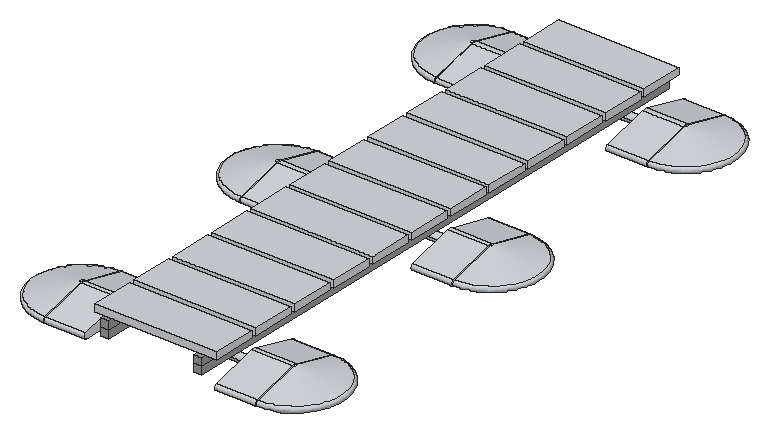
Revit family "Kee_Safety_KWM19_3M_FREE_STANDING_MODULE_75MPH", category Generic Models, host Face, Revit 2026
Family settings
  Host = Face
  Can host rebar = No
  Round Connector Dimension = Use Diameter
  Part Type = Normal
  Cut with Voids When Loaded = No
  Maintain Annotation Orientation = No
  Shared = No
  Room Calculation Point = No
Parameters
  Shipping Weight kg = "128"
  Product Range = "KeeWalk"
  Product Model Number = "WW719ASSY"
  Product Literature = "https://keesafety.co.uk/images/uploads/uk/documents/Kee_Walk_Brochure_1.pdf"
  Product Group = "KeeWalk"
  Product Family = "KeeWalk"
  Width = 1590 mm
  Overall Width = 620 mm
  Overall Length = 2983 mm
  Overall Height = 167 mm
  Material = Aluminum
  Manufacturer Website = "www.keesafety.co.uk"
  Manufacturer Country = "United Kingdom"
  Manufacturer = "Kee Safety"
  Location of Manufacturer = "Cradley Heath"
  Gross Weight kg = "128"
  Finish = "Annodized Aluminium"
  Features = "Modular Rooftop walkway to EN 516"
  Design Country = "United Kingdom"
  Description = "Kee Walk® System provides a safe, anti-slip, level walking surface for means of access to and across roofs. It provides a\r\ndemarcation route which protects the roof membrane from unnecessary foot traffic and potential damage. Pre-assembled\r\nin 3m unit."
  Default Elevation = 1219.2 mm
  Coverage Area = 3000.00 m²
  Colour = "Tread Black"
  CE Approval = yes
  Assembly Code = "KWM19"
  Annually = "Periodic inspections by a competent person are recommended by the manufacturer. In\r\nUK/Europe these are required under Regulation 5 of the Workplace (Health, Safety &\r\nWelfare) Regulations, the Work at Height Regulations and BS EN 365. The frequency will\r\ndepend upon the environment, location and usage but should be at least every 12 months.\r\nWalk and visually inspect the complete installed system in relation to the clients’ general\r\nneeds. Establish if any modifications and/or additional products are required to reflect\r\nany refurbishment requirements or additional plant & equipment which have been installed\r\nand require access.\r\nCheck installation configuration is complete as per the original installation drawing/plan.\r\nEnsure the system has not been modified or tampered with by unauthorised persons.\r\nCheck all Kee Walk are in place as per the original drawing. This is essential for longevity of\r\nthe roof.\r\nCheck all fixings are in place and correctly torqued.\r\nAny galvanised components showing signs of corrosion should be wire brushed thoroughly\r\nand galvanised spray/paint applied as appropriate. If rusted significantly, take digital\r\nphotographs and include these in the inspection report. All component and assembled\r\nparts should be kept clean, using detergent if necessary, by wiping down with a wet cloth\r\nor hosing with clean water, after which they should be wiped down with a dry cloth.\r\nWhere toe-boards are fitted check the brackets that support the toe-board are in place and\r\nsufficiently torqued.\r\nWhere applicable check fixings to walls/structures including cat ladder clamps are in place\r\nand sufficiently torqued.\r\nIf the Kee Walk becomes damaged in any, please arrange for inspection and any necessary\r\nrepair or component replacement.."
  Angle [instance] = 0.00°
Reference planes
  plane 1 "Center (Front/Back)": y = 0
  plane 2: z = 0
  plane 3 "Center (Left/Right)": x = 0
  plane 4: z = 81
  plane 5 "1": z = 75.213
  plane 6 "2": z = 73.792
  plane 7 "3": z = 57.713
  plane 8 "5": z = 41.568
  plane 9 "4": z = 56.945
  plane 10 "6": z = 40.402
Dimensions and locks
  level to plane 4 = 81 mm
  aligned and locked: plane 2 to host face
  aligned and locked: level to host face
  aligned and locked: plane 1 "Center (Front/Back)" to nested 1
Nested families
  nested 1: "KWM19 3M FREE STANDING MODULE 75MPH" at (-17.5, 0, 0), type "KWM19 3M FREE STANDING MODULE 75MPH"
Definition of nested family "KWM19 3M FREE STANDING MODULE 75MPH"
  Parameters (values of type "KWM19 3M FREE STANDING MODULE 75MPH")
    step length = 1040 mm
    part = yes
    full steps pitch = 2004 mm
    Step Material = none
    Step Angle = 0.00°
    Step Brck position = (step length / 2)  # 520 mm
    Railing Material = none
    Overall Length = 3000 mm
    Default Elevation = 1219.2 mm
    Base Material = none
  Reference planes
    plane 1 "Center (Front/Back)": y = 0
    plane 2: z = 0
    plane 3 "Center (Left/Right)": x = -67.5
    plane 4: y = 1500
    plane 5: y = -1500
    plane 6: z = 82.4
    plane 7: x = 552.5
    plane 8: x = -15
    plane 9: z = 42.4
    plane 10: x = 25
    plane 11: x = 242.5
    plane 12: y = -1260
    plane 13: y = 1250
    plane 14: y = -20
    plane 15: y = 20
    plane 16: x = 500
    plane 17: x = 460
    plane 18: y = -504
    plane 19: z = 21.2
    plane 20: x = -92.5
    plane 21: x = 577.5
    plane 22: z = 85
    plane 23: y = 1000
    plane 24: x = -302.5
    plane 25: x = -552.67
    plane 26: x = 1037.67
  Forms (mm)
    Extrusion 1, solid, not visible, detail levels fine
      sketch origin (84, 481.056, 0) x (1, 0, 0) y (0, 1, 0)
        loop
          line (-954, 1018.944) -> (-954, -2042.709) -> (1123.899, -2042.709) -> (1123.899, 1018.944) -> (-954, 1018.944)
      from 0 to -100
    Extrusion 2, solid, material <- "Base Material", detail levels fine
      sketch origin (145, 130, 0) x (1, 0, 0) y (0, 1, 0)
        loop
          line (-160, 1370) -> (-160, -1630) -> (-120, -1630) -> (-120, 1370) -> (-160, 1370)
      from 42.4 to 82.4
    Extrusion 3, solid, material <- "Base Material", detail levels fine
      sketch origin (340, 130, 0) x (-1, 0, 0) y (0, -1, 0)
        loop
          line (-160, -1370) -> (-120, -1370) -> (-120, 1630) -> (-160, 1630) -> (-160, -1370)
      from 42.4 to 82.4
    Extrusion 4, solid, detail levels fine
      sketch origin (-67.5, 0, 70) x (0, 1, 0) y (0, 0, 1)
        loop
          line (1500, 52.4) -> (1500, 87.4) -> (1275, 87.4) -> (1275, 52.4) -> (1500, 52.4)
      from 0 to 620
    Extrusion 5, solid, material <- "Railing Material", detail levels fine
      sketch origin (-70, -55.625, 88.905) x (0, 1, 0) y (0, 0, 1)
        loop
          line (1555.625, -6.505) -> (1555.625, 33.495) -> (-1444.375, 33.495) -> (-1444.375, -6.505) -> (1555.625, -6.505)
      from 55 to 95
    Extrusion 6, solid, detail levels medium
      sketch origin (0, 0, 0) x (1, 0, 0) y (0, 0, 1)
        loop
          line (-92.5, 0) -> (577.5, 0) -> (577.5, 42.4) -> (500, 42.4) -> (500, 122.4) -> (552.5, 122.4) -> (552.5, 157.4) -> (-67.5, 157.4) -> (-67.5, 122.4) -> (-15, 122.4) -> (-15, 42.4) -> (-92.5, 42.4) -> (-92.5, 0)
      from -1500 to 1500
    Extrusion 7, solid, detail levels coarse
      sketch origin (0, 0, 0) x (1, 0, 0) y (0, 0, 1)
        loop
          line (-552.67, 0) -> (1037.67, 0) -> (1037.67, 85) -> (552.5, 85) -> (552.5, 157.4) -> (-67.5, 157.4) -> (-67.5, 85) -> (-552.67, 85) -> (-552.67, 0)
      from -1500 to 1510.538
    Extrusion 8, solid, detail levels fine
      sketch origin (-70, 263.081, -74.315) x (0, 1, 0) y (0, 0, 1)
        loop
          circle (986.919, 95.515) r 21.2
        loop
          circle (-263.081, 95.515) r 21.2
        loop
          circle (-1523.081, 95.515) r 21.2
      from -22.5 to 647.5
    Extrusion 9, solid, detail levels fine
      sketch origin (162.5, -2.779, 0) x (0, 1, 0) y (0, 0, 1)
        loop
          arc (1489.027, 0) -> (1502.495, 11.913) -> (1492.314, 26.734) r 13.569
          line (1492.314, 26.734) -> (1265.501, 83.37)
          arc (1265.501, 83.37) -> (1252.418, 84.979) -> (1239.336, 83.37) r 54
          line (1239.336, 83.37) -> (1012.523, 26.734)
          arc (1012.523, 26.734) -> (1002.342, 11.913) -> (1015.81, 0) r 13.569
          line (1015.81, 0) -> (1250, 0) -> (1489.027, 0)
      from -255 to -465
    Revolve 10, solid, detail levels fine
      sketch origin (-302.5, 0, 0) x (0, 1, 0) y (0, 0, 1)
        loop
          arc (1486.609, 0) -> (1500.076, 11.913) -> (1489.896, 26.734) r 13.569
          line (1489.896, 26.734) -> (1263.082, 83.37)
          arc (1263.082, 83.37) -> (1256.59, 84.575) -> (1250, 84.979) r 54
          line (1250, 84.979) -> (1250, 0) -> (1486.609, 0)
        axis (1250, 84.979) -> (1250, 0)
      angle from 0 to 180
    Extrusion 11, solid, detail levels fine
      sketch origin (322.5, -2.779, 0) x (0, 1, 0) y (0, 0, -1)
        loop
          line (1489.027, 0) -> (1250, 0) -> (1015.81, 0)
          arc (1015.81, 0) -> (1002.342, -11.913) -> (1012.523, -26.734) r 13.569
          line (1012.523, -26.734) -> (1239.336, -83.37)
          arc (1239.336, -83.37) -> (1252.418, -84.979) -> (1265.501, -83.37) r 54
          line (1265.501, -83.37) -> (1492.314, -26.734)
          arc (1492.314, -26.734) -> (1502.495, -11.913) -> (1489.027, 0) r 13.569
      from -255 to -465
    Revolve 12, solid, detail levels fine
      sketch origin (787.5, 0, 0) x (0, 1, 0) y (0, 0, -1)
        loop
          line (1486.609, 0) -> (1250, 0) -> (1250, -84.979)
          arc (1250, -84.979) -> (1256.59, -84.575) -> (1263.082, -83.37) r 54
          line (1263.082, -83.37) -> (1489.896, -26.734)
          arc (1489.896, -26.734) -> (1500.076, -11.913) -> (1486.609, 0) r 13.569
        axis (1250, -84.979) -> (1250, 0)
      angle from 0 to 180
    Extrusion 13, solid, detail levels medium
      sketch origin (0, 0, 0) x (1, 0, 0) y (0, 1, 0)
        loop
          line (-92.5, 1500) -> (-552.67, 1500) -> (-552.67, 1000) -> (-92.5, 1000) -> (-92.5, 1500)
        loop
          line (1037.67, 1500) -> (577.5, 1500) -> (577.5, 999.462) -> (1037.67, 999.462) -> (1037.67, 1500)
      from 0 to 85
    Extrusion 14, solid, material <- "Railing Material", detail levels fine
      sketch origin (555, -55.625, 88.905) x (0, 1, 0) y (0, 0, -1)
        loop
          line (1555.625, 6.505) -> (-1444.375, 6.505) -> (-1444.375, -33.495) -> (1555.625, -33.495) -> (1555.625, 6.505)
      from 55 to 95
    Extrusion 15, solid, detail levels medium
      sketch origin (0, -1250, 0) x (1, 0, 0) y (0, 1, 0)
        loop
          line (-92.5, 1500) -> (-552.67, 1500) -> (-552.67, 1000) -> (-92.5, 1000) -> (-92.5, 1500)
        loop
          line (1037.67, 1500) -> (577.5, 1500) -> (577.5, 999.462) -> (1037.67, 999.462) -> (1037.67, 1500)
      from 0 to 85
    Extrusion 16, solid, detail levels fine
      sketch origin (162.5, -1252.779, 0) x (0, 1, 0) y (0, 0, 1)
        loop
          arc (1489.027, 0) -> (1502.495, 11.913) -> (1492.314, 26.734) r 13.569
          line (1492.314, 26.734) -> (1265.501, 83.37)
          arc (1265.501, 83.37) -> (1252.418, 84.979) -> (1239.336, 83.37) r 54
          line (1239.336, 83.37) -> (1012.523, 26.734)
          arc (1012.523, 26.734) -> (1002.342, 11.913) -> (1015.81, 0) r 13.569
          line (1015.81, 0) -> (1250, 0) -> (1489.027, 0)
      from -255 to -465
    Revolve 17, solid, detail levels fine
      sketch origin (-302.5, -1250, 0) x (0, 1, 0) y (0, 0, 1)
        loop
          arc (1486.609, 0) -> (1500.076, 11.913) -> (1489.896, 26.734) r 13.569
          line (1489.896, 26.734) -> (1263.082, 83.37)
          arc (1263.082, 83.37) -> (1256.59, 84.575) -> (1250, 84.979) r 54
          line (1250, 84.979) -> (1250, 0) -> (1486.609, 0)
        axis (1250, 84.979) -> (1250, 0)
      angle from 0 to 180
    Extrusion 18, solid, detail levels fine
      sketch origin (322.5, -1252.779, 0) x (0, 1, 0) y (0, 0, -1)
        loop
          line (1489.027, 0) -> (1250, 0) -> (1015.81, 0)
          arc (1015.81, 0) -> (1002.342, -11.913) -> (1012.523, -26.734) r 13.569
          line (1012.523, -26.734) -> (1239.336, -83.37)
          arc (1239.336, -83.37) -> (1252.418, -84.979) -> (1265.501, -83.37) r 54
          line (1265.501, -83.37) -> (1492.314, -26.734)
          arc (1492.314, -26.734) -> (1502.495, -11.913) -> (1489.027, 0) r 13.569
      from -255 to -465
    Revolve 19, solid, detail levels fine
      sketch origin (787.5, -1250, 0) x (0, 1, 0) y (0, 0, -1)
        loop
          line (1486.609, 0) -> (1250, 0) -> (1250, -84.979)
          arc (1250, -84.979) -> (1256.59, -84.575) -> (1263.082, -83.37) r 54
          line (1263.082, -83.37) -> (1489.896, -26.734)
          arc (1489.896, -26.734) -> (1500.076, -11.913) -> (1486.609, 0) r 13.569
        axis (1250, -84.979) -> (1250, 0)
      angle from 0 to 180
    Extrusion 20, solid, detail levels fine
      sketch origin (-67.5, -250, 70) x (0, 1, 0) y (0, 0, 1)
        loop
          line (1500, 52.4) -> (1500, 87.4) -> (1275, 87.4) -> (1275, 52.4) -> (1500, 52.4)
      from 0 to 625
    Extrusion 21, solid, detail levels medium
      sketch origin (0, -2510, 0) x (1, 0, 0) y (0, 1, 0)
        loop
          line (-92.5, 1500) -> (-552.67, 1500) -> (-552.67, 1000) -> (-92.5, 1000) -> (-92.5, 1500)
        loop
          line (1037.67, 1500) -> (577.5, 1500) -> (577.5, 999.462) -> (1037.67, 999.462) -> (1037.67, 1500)
      from 0 to 85
    Extrusion 22, solid, detail levels fine
      sketch origin (162.5, -2512.779, 0) x (0, 1, 0) y (0, 0, 1)
        loop
          arc (1489.027, 0) -> (1502.495, 11.913) -> (1492.314, 26.734) r 13.569
          line (1492.314, 26.734) -> (1265.501, 83.37)
          arc (1265.501, 83.37) -> (1252.418, 84.979) -> (1239.336, 83.37) r 54
          line (1239.336, 83.37) -> (1012.523, 26.734)
          arc (1012.523, 26.734) -> (1002.342, 11.913) -> (1015.81, 0) r 13.569
          line (1015.81, 0) -> (1250, 0) -> (1489.027, 0)
      from -255 to -465
    Revolve 23, solid, detail levels fine
      sketch origin (-302.5, -2510, 0) x (0, 1, 0) y (0, 0, 1)
        loop
          arc (1486.609, 0) -> (1500.076, 11.913) -> (1489.896, 26.734) r 13.569
          line (1489.896, 26.734) -> (1263.082, 83.37)
          arc (1263.082, 83.37) -> (1256.59, 84.575) -> (1250, 84.979) r 54
          line (1250, 84.979) -> (1250, 0) -> (1486.609, 0)
        axis (1250, 84.979) -> (1250, 0)
      angle from 0 to 180
    Extrusion 24, solid, detail levels fine
      sketch origin (322.5, -2512.779, 0) x (0, 1, 0) y (0, 0, -1)
        loop
          line (1489.027, 0) -> (1250, 0) -> (1015.81, 0)
          arc (1015.81, 0) -> (1002.342, -11.913) -> (1012.523, -26.734) r 13.569
          line (1012.523, -26.734) -> (1239.336, -83.37)
          arc (1239.336, -83.37) -> (1252.418, -84.979) -> (1265.501, -83.37) r 54
          line (1265.501, -83.37) -> (1492.314, -26.734)
          arc (1492.314, -26.734) -> (1502.495, -11.913) -> (1489.027, 0) r 13.569
      from -255 to -465
    Revolve 25, solid, detail levels fine
      sketch origin (787.5, -2510, 0) x (0, 1, 0) y (0, 0, -1)
        loop
          line (1486.609, 0) -> (1250, 0) -> (1250, -84.979)
          arc (1250, -84.979) -> (1256.59, -84.575) -> (1263.082, -83.37) r 54
          line (1263.082, -83.37) -> (1489.896, -26.734)
          arc (1489.896, -26.734) -> (1500.076, -11.913) -> (1486.609, 0) r 13.569
        axis (1250, -84.979) -> (1250, 0)
      angle from 0 to 180
    Extrusion 26, solid, detail levels fine
      sketch origin (-67.5, -500, 70) x (0, 1, 0) y (0, 0, 1)
        loop
          line (1500, 52.4) -> (1500, 87.4) -> (1275, 87.4) -> (1275, 52.4) -> (1500, 52.4)
      from 0 to 625
    Extrusion 27, solid, detail levels fine
      sketch origin (-67.5, -750, 70) x (0, 1, 0) y (0, 0, 1)
        loop
          line (1500, 52.4) -> (1500, 87.4) -> (1275, 87.4) -> (1275, 52.4) -> (1500, 52.4)
      from 0 to 625
    Extrusion 28, solid, detail levels fine
      sketch origin (-67.5, -1000, 70) x (0, 1, 0) y (0, 0, 1)
        loop
          line (1500, 52.4) -> (1500, 87.4) -> (1275, 87.4) -> (1275, 52.4) -> (1500, 52.4)
      from 0 to 625
    Extrusion 29, solid, detail levels fine
      sketch origin (-67.5, -1250, 70) x (0, 1, 0) y (0, 0, 1)
        loop
          line (1500, 52.4) -> (1500, 87.4) -> (1275, 87.4) -> (1275, 52.4) -> (1500, 52.4)
      from 0 to 625
    Extrusion 30, solid, detail levels fine
      sketch origin (-67.5, -1500, 70) x (0, 1, 0) y (0, 0, 1)
        loop
          line (1500, 52.4) -> (1500, 87.4) -> (1275, 87.4) -> (1275, 52.4) -> (1500, 52.4)
      from 0 to 625
    Extrusion 31, solid, detail levels fine
      sketch origin (-67.5, -1750, 70) x (0, 1, 0) y (0, 0, 1)
        loop
          line (1500, 52.4) -> (1500, 87.4) -> (1275, 87.4) -> (1275, 52.4) -> (1500, 52.4)
      from 0 to 625
    Extrusion 32, solid, detail levels fine
      sketch origin (-67.5, -2000, 70) x (0, 1, 0) y (0, 0, 1)
        loop
          line (1500, 52.4) -> (1500, 87.4) -> (1275, 87.4) -> (1275, 52.4) -> (1500, 52.4)
      from 0 to 625
    Extrusion 33, solid, detail levels fine
      sketch origin (-67.5, -2250, 70) x (0, 1, 0) y (0, 0, 1)
        loop
          line (1500, 52.4) -> (1500, 87.4) -> (1275, 87.4) -> (1275, 52.4) -> (1500, 52.4)
      from 0 to 625
    Extrusion 34, solid, detail levels fine
      sketch origin (-67.5, -2500, 70) x (0, 1, 0) y (0, 0, 1)
        loop
          line (1500, 52.4) -> (1500, 87.4) -> (1275, 87.4) -> (1275, 52.4) -> (1500, 52.4)
      from 0 to 625
    Extrusion 35, solid, detail levels fine
      sketch origin (-67.5, -2750, 70) x (0, 1, 0) y (0, 0, 1)
        loop
          line (1500, 52.4) -> (1500, 87.4) -> (1275, 87.4) -> (1275, 52.4) -> (1500, 52.4)
      from 0 to 625
  Dimensions and locks
    plane 6 to level = 82.4 mm
    locked: plane 6 to plane 9 at 40
    locked: plane 10 to plane 8 at 40
    locked: plane 12 to plane 5 at 240
    locked: plane 15 to plane 14 at 40
    locked: plane 17 to plane 16 at 40
    equal spacing: plane 4, plane 1 "Center (Front/Back)", plane 5
    plane 4 to plane 13 = 250 mm
    plane 15 to plane 1 "Center (Front/Back)" = 20 mm
    plane 7 to plane 3 "Center (Left/Right)" = 620 mm
    equal spacing: plane 7, plane 11, plane 3 "Center (Left/Right)"
    equal spacing: plane 17, plane 11, plane 10
    plane 17 to plane 10 = 435 mm
    "full steps pitch": plane 4 to plane 18
    locked: Extrusion 4 sketch curve to Extrusion 4 sketch curve at 35
    locked: Extrusion 4 sketch curve to Extrusion 4 sketch curve at 225
    locked: Extrusion 5 sketch curve to Extrusion 5 sketch curve at 40
    "Overall Length": plane 4 to plane 5
    plane 1 "Center (Front/Back)" to plane 15 = 20 mm
    locked: plane 19 to level at 21.2
    locked: plane 4 to Extrusion 8 sketch curve at 250
    locked: Extrusion 8 sketch curve to Extrusion 1 at 21.2
    equal spacing: plane 21, plane 11, plane 20
    locked: plane 21 to plane 20 at 670
    locked: plane 22 to level at 85
    locked: plane 13 to plane 23 at 250
    locked: plane 20 to plane 24 at 210
    plane 25 to plane 26 = 1590.34 mm
    equal spacing: plane 25, plane 11, plane 26
    locked: Extrusion 14 sketch curve to Extrusion 14 sketch curve at 40
    locked: Extrusion 20 sketch curve to Extrusion 20 sketch curve at 35
    locked: Extrusion 20 sketch curve to Extrusion 20 sketch curve at 225
    locked: Extrusion 26 sketch curve to Extrusion 26 sketch curve at 35
    locked: Extrusion 26 sketch curve to Extrusion 26 sketch curve at 225
    equal spacing: group 1, group 2, group 3, group 4, group 5, group 6, group 7, group 8, group 9, group 10, group 11  (x2)
    equal spacing: group 11, group 10, group 9, group 8, group 7, group 6, group 5, group 4, group 3, group 2, group 1
    locked: Extrusion 27 sketch curve to Extrusion 27 sketch curve at 35
    locked: Extrusion 27 sketch curve to Extrusion 27 sketch curve at 225
    locked: Extrusion 28 sketch curve to Extrusion 28 sketch curve at 35
    locked: Extrusion 28 sketch curve to Extrusion 28 sketch curve at 225
    locked: Extrusion 29 sketch curve to Extrusion 29 sketch curve at 35
    locked: Extrusion 29 sketch curve to Extrusion 29 sketch curve at 225
    locked: Extrusion 30 sketch curve to Extrusion 30 sketch curve at 35
    locked: Extrusion 30 sketch curve to Extrusion 30 sketch curve at 225
    locked: Extrusion 31 sketch curve to Extrusion 31 sketch curve at 35
    locked: Extrusion 31 sketch curve to Extrusion 31 sketch curve at 225
    locked: Extrusion 32 sketch curve to Extrusion 32 sketch curve at 35
    locked: Extrusion 32 sketch curve to Extrusion 32 sketch curve at 225
    locked: Extrusion 33 sketch curve to Extrusion 33 sketch curve at 35
    locked: Extrusion 33 sketch curve to Extrusion 33 sketch curve at 225
    locked: Extrusion 34 sketch curve to Extrusion 34 sketch curve at 35
    locked: Extrusion 34 sketch curve to Extrusion 34 sketch curve at 225
    locked: Extrusion 35 sketch curve to Extrusion 35 sketch curve at 35
    locked: Extrusion 35 sketch curve to Extrusion 35 sketch curve at 225
    aligned and locked: plane 2 to Extrusion 1
    aligned and locked: level to Extrusion 1
    aligned and locked: plane 6 to Extrusion 2
    aligned and locked: Extrusion 2 to plane 9
    aligned and locked: Extrusion 2 to plane 8
    aligned and locked: plane 10 to Extrusion 2
    aligned and locked: Extrusion 2 to plane 4
    aligned and locked: plane 5 to Extrusion 2
    aligned and locked: plane 7 to Extrusion 4
    aligned and locked: Extrusion 4 to plane 3 "Center (Left/Right)"
    aligned and locked: Extrusion 6 sketch curve to level
    aligned and locked: plane 9 to Extrusion 6 sketch curve  (x2)
    aligned and locked: Extrusion 6 sketch curve to plane 8
    aligned and locked: Extrusion 7 sketch curve to level
    aligned and locked: plane 7 to Extrusion 7 sketch curve
    aligned and locked: Extrusion 7 sketch curve to plane 3 "Center (Left/Right)"
    aligned and locked: Extrusion 6 to plane 4
    aligned and locked: plane 5 to Extrusion 6
    aligned and locked: Extrusion 5 sketch curve to plane 6
    aligned and locked: Extrusion 5 sketch curve to plane 4
    aligned and locked: plane 5 to Extrusion 5 sketch curve
    aligned and locked: plane 4 to Extrusion 4 sketch curve
    aligned and locked: Extrusion 4 to Extrusion 5
    aligned and locked: Extrusion 5 to Extrusion 2
    aligned and locked: Extrusion 2 to Extrusion 5
    aligned and locked: Extrusion 8 to plane 20
    aligned and locked: plane 21 to Extrusion 8
    aligned and locked: Extrusion 9 to plane 24
    aligned and locked: Extrusion 9 to Extrusion 8
    aligned and locked: plane 22 to Extrusion 7  (x2)
    aligned and locked: plane 25 to Extrusion 7
    aligned and locked: plane 26 to Extrusion 7
    aligned and locked: Extrusion 6 to Extrusion 8  (x2)
    aligned and locked: Extrusion 6 to Extrusion 13 sketch curve
    aligned and locked: Extrusion 13 sketch curve to Extrusion 6
    aligned and locked: plane 23 to Extrusion 13 sketch curve
    aligned and locked: plane 25 to Extrusion 13 sketch curve
    aligned and locked: Extrusion 13 sketch curve to Extrusion 7
    aligned and locked: Extrusion 7 to Extrusion 13 sketch curve
    aligned and locked: Extrusion 13 sketch curve to Extrusion 11
    aligned and locked: Extrusion 13 to Extrusion 7
    aligned and locked: plane 6 to Extrusion 3
    aligned and locked: plane 17 to Extrusion 3
    aligned and locked: Extrusion 3 to plane 16
    aligned and locked: Extrusion 14 to Extrusion 4
    aligned and locked: Extrusion 14 to plane 6
    aligned and locked: Extrusion 14 to plane 16
    aligned and locked: Extrusion 6 sketch curve to Extrusion 4  (x2)
    aligned and locked: Extrusion 6 sketch curve to plane 7
    aligned and locked: plane 3 "Center (Left/Right)" to Extrusion 6 sketch curve
    aligned and locked: Extrusion 6 sketch curve to Extrusion 6 sketch curve
    aligned and locked: Extrusion 7 to Extrusion 21
  Automatic sketch dimensions
    Extrusion 1 sketch curve to Extrusion 1 sketch curve = 2077.899 mm
    Extrusion 1 sketch curve to Extrusion 1 sketch curve = 3061.653 mm
    plane 5 to Extrusion 2 sketch curve = 0 mm
    Extrusion 2 sketch curve to plane 8 = 0 mm
    Extrusion 2 sketch curve to plane 10 = 0 mm
    plane 4 to Extrusion 2 sketch curve = 0 mm
    plane 5 to Extrusion 3 sketch curve = 0 mm
    Extrusion 3 sketch curve to plane 16 = 0 mm
    Extrusion 3 sketch curve to plane 17 = 0 mm
    plane 4 to Extrusion 3 sketch curve = 0 mm
    plane 22 to Extrusion 4 sketch curve = 37.4 mm
    Extrusion 6 sketch curve to plane 20 = 0 mm
    plane 16 to Extrusion 6 sketch curve = 0 mm
    Extrusion 6 sketch curve to plane 21 = 0 mm
    plane 25 to Extrusion 7 sketch curve = 0 mm
    Extrusion 7 sketch curve to plane 26 = 0 mm
    Extrusion 7 sketch curve to plane 22 = 0 mm  (x2)
    Extrusion 7 sketch curve to Extrusion 7 sketch curve = 72.4 mm
    Extrusion 8 sketch curve to plane 12 = 0 mm
    Extrusion 8 sketch curve to plane 1 "Center (Front/Back)" = 0 mm
    Extrusion 8 sketch curve to plane 19 = 0 mm  (x2)
    Extrusion 9 sketch curve to level = 0 mm
    plane 19 to Extrusion 9 sketch curve = 5.534 mm  (x2)
    Extrusion 9 sketch curve to plane 23 = 9.744 mm
    Extrusion 9 sketch curve to plane 19 = 7.631 mm
    plane 6 to Extrusion 9 sketch curve = 0.97 mm  (x2)
    Extrusion 9 sketch curve to plane 13 = 13.443 mm
    Extrusion 9 sketch curve to plane 13 = 2.779 mm
    Extrusion 9 sketch curve to plane 13 = 0.36 mm
    plane 4 to Extrusion 9 sketch curve = 13.752 mm
    plane 4 to Extrusion 9 sketch curve = 10.464 mm
    plane 19 to Extrusion 9 sketch curve = 9.779 mm
    Revolve 10 sketch curve to plane 13 = 0 mm  (x2)
    Revolve 10 sketch curve to level = 0 mm
    plane 6 to Revolve 10 sketch curve = 0.97 mm
    plane 13 to Revolve 10 sketch curve = 13.082 mm
    plane 4 to Revolve 10 sketch curve = 13.391 mm
    plane 19 to Revolve 10 sketch curve = 5.534 mm
    plane 4 to Revolve 10 sketch curve = 10.104 mm
    plane 19 to Revolve 10 sketch curve = 9.779 mm
    Revolve 10 sketch curve to Revolve 10 sketch curve = 204.931 mm
    plane 22 to Revolve 10 sketch curve = 200.069 mm
    Extrusion 11 sketch curve to level = 0 mm
    plane 19 to Extrusion 11 sketch curve = 5.534 mm  (x2)
    Extrusion 11 sketch curve to plane 23 = 9.744 mm
    Extrusion 11 sketch curve to plane 19 = 7.631 mm
    plane 6 to Extrusion 11 sketch curve = 0.97 mm  (x2)
    Extrusion 11 sketch curve to plane 13 = 13.443 mm
    Extrusion 11 sketch curve to plane 13 = 2.779 mm
    Extrusion 11 sketch curve to plane 13 = 0.36 mm
    plane 4 to Extrusion 11 sketch curve = 13.752 mm
    plane 4 to Extrusion 11 sketch curve = 10.464 mm
    plane 19 to Extrusion 11 sketch curve = 9.779 mm
    Revolve 12 sketch curve to plane 13 = 0 mm  (x2)
    Revolve 12 sketch curve to level = 0 mm
    plane 6 to Revolve 12 sketch curve = 0.97 mm
    plane 13 to Revolve 12 sketch curve = 13.082 mm
    plane 4 to Revolve 12 sketch curve = 13.391 mm
    plane 19 to Revolve 12 sketch curve = 5.534 mm
    plane 4 to Revolve 12 sketch curve = 10.104 mm
    Revolve 12 sketch curve to plane 22 = 0.021 mm
    plane 22 to Revolve 12 sketch curve = 200.069 mm
    Revolve 12 sketch curve to Revolve 12 sketch curve = 204.931 mm
    plane 23 to Extrusion 13 sketch curve = 0.538 mm
    Extrusion 14 sketch curve to plane 5 = 0 mm
    Extrusion 14 sketch curve to plane 4 = 0 mm
    Extrusion 14 sketch curve to plane 6 = 0 mm
    Extrusion 15 sketch curve to plane 25 = 0 mm
    Extrusion 15 sketch curve to plane 20 = 0 mm
    Extrusion 15 sketch curve to plane 21 = 0 mm
    Extrusion 15 sketch curve to plane 26 = 0 mm
    Extrusion 15 sketch curve to plane 14 = 230.538 mm
    Extrusion 15 sketch curve to plane 14 = 230 mm
    plane 15 to Extrusion 15 sketch curve = 230 mm  (x2)
    Extrusion 16 sketch curve to level = 0 mm
    plane 19 to Extrusion 16 sketch curve = 5.534 mm  (x2)
    Extrusion 16 sketch curve to plane 14 = 220.256 mm
    Extrusion 16 sketch curve to plane 19 = 7.631 mm  (x2)
    plane 6 to Extrusion 16 sketch curve = 0.97 mm  (x2)
    plane 14 to Extrusion 16 sketch curve = 6.557 mm
    plane 1 "Center (Front/Back)" to Extrusion 16 sketch curve = 2.779 mm
    plane 1 "Center (Front/Back)" to Extrusion 16 sketch curve = 0.36 mm
    plane 15 to Extrusion 16 sketch curve = 216.248 mm
    plane 19 to Extrusion 16 sketch curve = 9.779 mm
    Revolve 17 sketch curve to plane 1 "Center (Front/Back)" = 0 mm  (x2)
    Revolve 17 sketch curve to level = 0 mm
    plane 6 to Revolve 17 sketch curve = 0.97 mm
    Revolve 17 sketch curve to plane 15 = 6.918 mm
    Revolve 17 sketch curve to plane 19 = 7.631 mm
    plane 15 to Revolve 17 sketch curve = 216.609 mm
    plane 19 to Revolve 17 sketch curve = 5.534 mm
    plane 19 to Revolve 17 sketch curve = 9.779 mm
    Revolve 17 sketch curve to Revolve 17 sketch curve = 204.931 mm
    plane 22 to Revolve 17 sketch curve = 200.069 mm
    Extrusion 18 sketch curve to level = 0 mm
    plane 19 to Extrusion 18 sketch curve = 5.534 mm  (x2)
    Extrusion 18 sketch curve to plane 14 = 220.256 mm
    Extrusion 18 sketch curve to plane 19 = 7.631 mm  (x2)
    plane 6 to Extrusion 18 sketch curve = 0.97 mm  (x2)
    plane 14 to Extrusion 18 sketch curve = 6.557 mm
    plane 1 "Center (Front/Back)" to Extrusion 18 sketch curve = 2.779 mm
    plane 1 "Center (Front/Back)" to Extrusion 18 sketch curve = 0.36 mm
    plane 15 to Extrusion 18 sketch curve = 216.248 mm
    plane 19 to Extrusion 18 sketch curve = 9.779 mm
    Revolve 19 sketch curve to plane 1 "Center (Front/Back)" = 0 mm  (x2)
    Revolve 19 sketch curve to level = 0 mm
    plane 6 to Revolve 19 sketch curve = 0.97 mm
    Revolve 19 sketch curve to plane 15 = 6.918 mm
    Revolve 19 sketch curve to plane 19 = 7.631 mm
    plane 15 to Revolve 19 sketch curve = 216.609 mm
    plane 19 to Revolve 19 sketch curve = 5.534 mm
    Revolve 19 sketch curve to plane 22 = 0.021 mm
    plane 22 to Revolve 19 sketch curve = 200.069 mm
    Revolve 19 sketch curve to Revolve 19 sketch curve = 204.931 mm
    Extrusion 21 sketch curve to plane 25 = 0 mm
    Extrusion 21 sketch curve to plane 20 = 0 mm
    Extrusion 21 sketch curve to plane 21 = 0 mm
    Extrusion 21 sketch curve to plane 26 = 0 mm
    plane 5 to Extrusion 21 sketch curve = 10.538 mm
    plane 5 to Extrusion 21 sketch curve = 10 mm
    Extrusion 21 sketch curve to plane 12 = 250 mm  (x2)
    Extrusion 22 sketch curve to level = 0 mm
    plane 5 to Extrusion 22 sketch curve = 0.256 mm
    Extrusion 22 sketch curve to plane 5 = 3.031 mm
    plane 6 to Extrusion 22 sketch curve = 0.97 mm  (x2)
    plane 12 to Extrusion 22 sketch curve = 13.443 mm
    plane 12 to Extrusion 22 sketch curve = 2.779 mm
    plane 12 to Extrusion 22 sketch curve = 0.36 mm
    Extrusion 22 sketch curve to plane 19 = 7.631 mm  (x2)
    Extrusion 22 sketch curve to Extrusion 22 sketch curve = 223.526 mm
    plane 19 to Extrusion 22 sketch curve = 5.534 mm
    plane 19 to Extrusion 22 sketch curve = 9.779 mm
    Revolve 23 sketch curve to plane 12 = 0 mm  (x2)
    Revolve 23 sketch curve to level = 0 mm
    plane 6 to Revolve 23 sketch curve = 0.97 mm
    Revolve 23 sketch curve to plane 12 = 13.082 mm
    Revolve 23 sketch curve to plane 19 = 7.631 mm
    Revolve 23 sketch curve to Revolve 23 sketch curve = 223.526 mm
    plane 19 to Revolve 23 sketch curve = 5.534 mm
    plane 19 to Revolve 23 sketch curve = 9.779 mm
    Revolve 23 sketch curve to level = 204.931 mm
    plane 22 to Revolve 23 sketch curve = 200.069 mm
    Extrusion 24 sketch curve to level = 0 mm
    plane 5 to Extrusion 24 sketch curve = 0.256 mm
    Extrusion 24 sketch curve to plane 5 = 3.031 mm
    plane 6 to Extrusion 24 sketch curve = 0.97 mm  (x2)
    plane 12 to Extrusion 24 sketch curve = 13.443 mm
    plane 12 to Extrusion 24 sketch curve = 2.779 mm
    plane 12 to Extrusion 24 sketch curve = 0.36 mm
    Extrusion 24 sketch curve to plane 19 = 7.631 mm
    Extrusion 24 sketch curve to Extrusion 24 sketch curve = 223.526 mm
    plane 19 to Extrusion 24 sketch curve = 5.534 mm  (x2)
    plane 19 to Extrusion 24 sketch curve = 9.779 mm
    Revolve 25 sketch curve to plane 12 = 0 mm  (x2)
    Revolve 25 sketch curve to level = 0 mm
    plane 6 to Revolve 25 sketch curve = 0.97 mm
    Revolve 25 sketch curve to plane 12 = 13.082 mm
    Revolve 25 sketch curve to plane 19 = 7.631 mm
    Revolve 25 sketch curve to Revolve 25 sketch curve = 223.526 mm
    plane 19 to Revolve 25 sketch curve = 5.534 mm
    Revolve 25 sketch curve to plane 22 = 0.021 mm
    plane 22 to Revolve 25 sketch curve = 200.069 mm
    Revolve 25 sketch curve to level = 204.931 mm
    radius of Extrusion 8 sketch curve = 21.2 mm  (x3)
